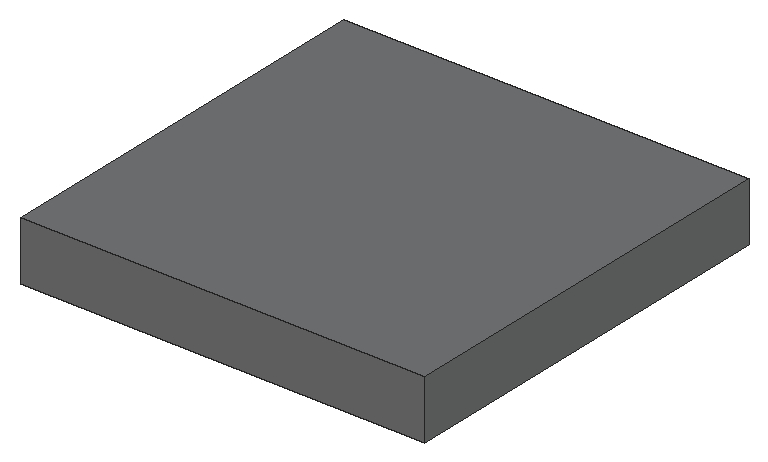
Revit family "Gira_0876600", category Electrical Fixtures, host Face, Revit 2017
Family settings
  Host = Face
  Maintain Annotation Orientation = No
  Round Connector Dimension = Use Diameter
  Part Type = Normal
  Cut with Voids When Loaded = No
  Shared = No
  Room Calculation Point = No
Parameters (values of type "Abd. BSF TAE USB System 55 Edelstahl")
  Zusammenstellung = "Zentralplatte"
  Werkstoffgüte = "sonstige"
  Werkstoff = "Kunststoff"
  Verwendung = "TAE"
  URL = "http://katalog.gira.de/de_DE/datenblatt.html?artikelnr=0876600"
  Transparent = "No"
  Tragring = "No"
  Region = "DE"
  Oberfläche = "sonstige"
  Name = "Abd. BSF TAE USB System 55 Edelstahl"
  Montageart = "unter Putz"
  Mit Zugentlastung = "No"
  Mit Staubschutz = "No"
  Mit Klappdeckel = "No"
  Mit Aufdruck = "No"
  Manufacturer URL = "https://www.gira.de/"
  Lüsterklemme = "No"
  Keynote = "Sys55_Abdeckung_Schalten und Tasten"
  HeinzeBIM = "https://bimportal.heinze.de/bim/abd-bsf-tae-usb-system-55-edelstahl/a9d003a9623c3dab26897a6d672859edc9b617b3"
  Halogenfrei = "Yes"
  HAN = "0876600"
  Geeignet für Schutzart (IP) = "IP20"
  GTIN = "4010337035800"
  Farbe = "edelstahl"
  Default Elevation = 1219.2 mm
  Data sheet (1) = "https://katalog.gira.de/de_DE/download.html?artikelnr=0876600"
  Category = "Einsatz/Abdeckung für Kommunikationstechnik"
  Beschriftungsfeld = "ohne Beschriftungsfeld"
  Befestigungsart = "Befestigung mit Schraube"
  Available = "Yes"
  Ausführung der Oberfläche = "nicht zutreffend"
  Anthrazit [instance] = Anthrazit
Reference planes
  plane 1 "Center (Front/Back)": y = 0
  plane 2: z = 0
  plane 3 "Center (Left/Right)": x = 0
Forms (mm)
  Extrusion 1, solid, material "Anthrazit" <- "Anthrazit", detail levels fine
    sketch origin (0, 0, 0) x (1, 0, 0) y (0, 1, 0)
      loop
        line (-27.5, 27.5) -> (-27.5, -27.5) -> (27.5, -27.5) -> (27.5, 27.5) -> (-27.5, 27.5)
    from 0 to 8
  Extrusion 2, void
    sketch origin (0, 0, 0) x (1, 0, 0) y (0, 1, 0)
      loop
        line (26, 26) -> (-26, 26) -> (-26, -26) -> (26, -26) -> (26, 26)
    from 0 to 6
  Extrusion 3, solid, material "Anthrazit" <- "Anthrazit", detail levels medium
    sketch origin (0, 0, 0) x (1, 0, 0) y (0, 1, 0)
      loop
        line (-27.5, 27.5) -> (-27.5, -27.5) -> (27.5, -27.5) -> (27.5, 27.5) -> (-27.5, 27.5)
    from 0 to 8
  Extrusion 4, solid, material "Anthrazit" <- "Anthrazit", detail levels medium
    sketch origin (0, 0, 0) x (1, 0, 0) y (0, 1, 0)
      loop
        line (11, -17.5) -> (11, 17.5) -> (-11, 17.5) -> (-11, -17.5) -> (11, -17.5)
    from -6 to 6
  Extrusion 5, solid, material "Anthrazit" <- "Anthrazit", detail levels fine
    sketch origin (0, 0, 0) x (1, 0, 0) y (0, 1, 0)
      loop
        line (11, 17.5) -> (-11, 17.5) -> (-11, 16.5) -> (11, 16.5) -> (11, 17.5)
      loop
        line (-11, -16.5) -> (-11, -17.5) -> (11, -17.5) -> (11, -16.5) -> (-11, -16.5)
    from -4 to 6
  Extrusion 6, solid, material "Anthrazit" <- "Anthrazit", detail levels fine
    sketch origin (0, 0, 0) x (1, 0, 0) y (0, 1, 0)
      loop
        arc (5, 9.347) -> (0, 10.6) -> (-5, 9.347) r 10.6
        line (-5, 9.347) -> (-5, -9.347)
        arc (-5, -9.347) -> (0, -10.6) -> (5, -9.347) r 10.6
        line (5, -9.347) -> (5, 9.347)
    from -6 to 6
  Extrusion 7, solid, material "Anthrazit" <- "Anthrazit", detail levels coarse
    sketch origin (0, 0, 0) x (1, 0, 0) y (0, 1, 0)
      loop
        line (-27.5, 27.5) -> (-27.5, -27.5) -> (27.5, -27.5) -> (27.5, 27.5) -> (-27.5, 27.5)
    from -6 to 8
Cuts and joins
  Extrusion 2 cuts Extrusion 1
Dimensions and locks
  aligned and locked: plane 2 to host face
  aligned and locked: level to host face
